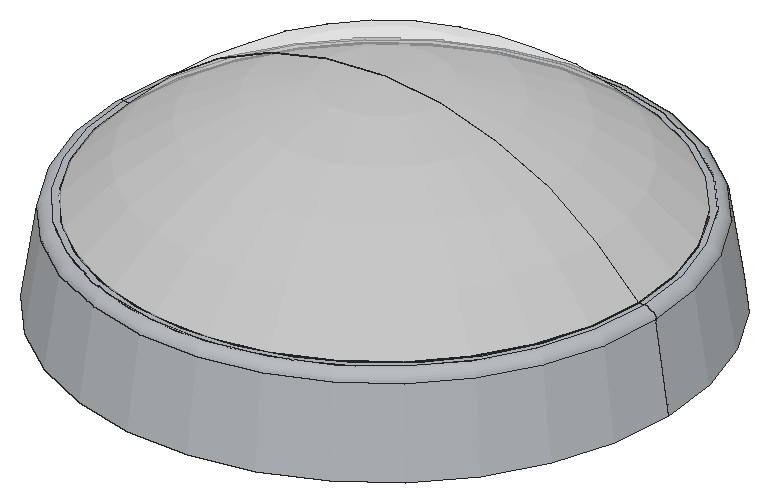
Revit family "Lightronics_LightingFixture_WallAndCeiling_DOTT1", category Lighting Fixtures, host Face, Revit 2016
Family settings
  Host = Face
  Part Type = Normal
  Round Connector Dimension = Use Diameter
  OmniClass Number = 23.80.70.00
  OmniClass Title = Lighting
  Cut with Voids When Loaded = No
  Light Source = Yes
  Shared = No
  Room Calculation Point = No
Parameters (values of type "DOTT")
  _DistributedBy = "www.bimstore.co.uk"
  _CurrentRevision = 1
  _CreatedBy = "www.bimstore.co.uk"
  _BimSpecGuid = 0
  _BSBibleVersion = 15
  _AuthorizedBy = "Kris Atkinson"
  _Author = "Ryan Wigham"
  Wattage = 9.2903 W
  WarrantyStartDate [instance] = "Please record on commissioning"
  WarrantyGuarantorParts = "info@lightronics.nl"
  WarrantyGuarantorLabor = "info@lightronics.nl"
  WarrantyDurationUnit = "Years"
  WarrantyDurationParts = "5"
  WarrantyDurationLabor = "n/a"
  WarrantyDescription = "n/a"
  built-in parameter 1150110 = 1 (stored number, unit not read)
  Voltage = 230 V
  URL = "https://www.lightronics.nl/en/"
  TypeName = "DOTT"
  Type Comments = "Wall and ceiling lighting – Hogro Plus. Impact proof surface-mounted design luminaire"
  built-in parameter 1114217 = 1 (stored number, unit not read)
  Tilt Angle = 90.00°
  built-in parameter 1150109 = 1 (stored number, unit not read)
  built-in parameter 1150134 = 3
  built-in parameter 1150113 = 1 (stored number, unit not read)
  SpareParts = "n/a"
  Size = "250x90"
  Shape = "Circular"
  SerialNumber [instance] = "Please record on commissioning"
  ReplacementCost = ""
  ReferencedStandard = "n/a"
  ProductionYear = "2018"
  Photometric Web File = "DOTT-LO-1-7-180-D-F-620-230-X-X.ies"
  NumberOfPoles = 1
  NominalLength = Length  # 250 mm
  NominalHeight = Height  # 90 mm
  NominalDepth = Depth  # 250 mm
  NBSReference = "90-60-50/405"
  NBSOfficeMasterTag = "n/a"
  NBSObjectName = "Lightronics -  General purpose luminaires"
  NBSNote = ""
  NBSDescription = "Surface luminaires"
  ModelReference = "IP 65"
  ModelNumber = "DOTT"
  Model = "DOTT"
  Material_Lens [instance] = Lightronics - Polycarbonate - Lens - Opal
  Material_Housing [instance] = Lightronics - Aluminium Coated - RAL DB703
  Material = "UV-stabilised polycarbonate"
  ManufacturerName = "Lightronics"
  Manufacturer = "Lightronics"
  built-in parameter 1150105 = 109.82 (stored number, unit not read)
  Lumens = 1380 lm
  built-in parameter 1150115 = 1 (stored number, unit not read)
  built-in parameter 1150137 = (empty or 0)
  built-in parameter 1150139 = (empty or 0)
  Length = Diameter  # 250 mm
  built-in parameter 1150112 = 1 (stored number, unit not read)
  built-in parameter 1150114 = 1 (stored number, unit not read)
  Keynote = "V90/510"
  InstallationDate [instance] = "Please record on commissioning"
  built-in parameter 1150132 = (empty or 0)
  built-in parameter 1150102 = (empty or 0)
  built-in parameter 1150107 = 3200 (stored number, unit not read)
  built-in parameter 1150138 = (empty or 0)
  built-in parameter 1150106 = 1.0982 (stored number, unit not read)
  IfcExportType = "IfcLightFixture"
  IfcExportAs = "IfcLightFixtureTypeEnum.POINTSOURCE"
  Height = 90 mm
  Grade = "n/a"
  Finish = "n/a"
  Features = "n/a"
  ExpectedLife = 10
  Emit from Circle Diameter = 250 mm
  Emit Shape Visible in Rendering = no
  built-in parameter 1150104 = 13.8 (stored number, unit not read)
  DurationUnit = "20 Years"
  DocumentationTechnical = "n/a"
  DocumentationMaintenance = "n/a"
  DocumentationLiterature = "https://specifi.bimstore.co.uk/document/share/2434"
  DocumentationInstallationGuide = "n/a"
  DocumentationCertificates = "n/a"
  Dimming Lamp Color Temperature Shift = <None>
  Diameter = 250 mm
  Description = "Impact proof surface-mounted design luminaire"
  Depth = Diameter  # 250 mm
  Default Elevation = 1219.2 mm
  CreatedOn = "2018-03-06T09:00:00"
  CreatedBy = "info@lightronics.nl"
  Constituents = "n/a"
  Color Filter = 16777215
  Color = "Housing: aluminium coated (DB703) or RAL 9010. Cover: UV-stabilised polycarbonate opal or frosted"
  CodePerformance = "n/a"
  ClassificationValue = "Pr_70_70_48_85"
  ClassificationName = "Uniclass 2015"
  BarCode [instance] = "Please record on commissioning"
  built-in parameter 1114218 = 1 (stored number, unit not read)
  BIMObjectName = "Lightronics_LightingFixture_WallAndCeiling_DOTT"
  built-in parameter 1150133 = 10 (stored number, unit not read)
  AssetType = "Fixed"
  AssetIdentifier [instance] = "Please record on commissioning"
  Assembly Code = "D5020200"
  Apparent Load = 0 VA
  AccessibilityPerformance = "n/a"
Reference planes
  plane 1 "Center (Front/Back)": y = 0
  plane 2: z = 0
  plane 3 "Center (Left/Right)": x = 0
  plane 4: z = 45
  plane 5: x = -125
Forms (mm)
  Revolve 1, solid, material "Lightronics - Aluminium Coated - RAL DB703" <- "Material_Housing"
    sketch origin (0, 0, 0) x (1, 0, 0) y (0, 0, 1)
      loop
        line (0, 0) -> (0, 35) -> (-111.894, 35) -> (-111.894, 40) -> (-114.394, 40)
        arc (-114.394, 40) -> (-117.641, 38.802) -> (-119.333, 35.782) r 5
        line (-119.333, 35.782) -> (-125, 0) -> (0, 0)
      axis (0, 0) -> (0, 40)
    angle from 0 to 360
  Revolve 2, solid, material "Lightronics - Polycarbonate - Lens - Opal" <- "Material_Lens"
    sketch origin (0, 0, 0) x (1, 0, 0) y (0, 0, 1)
      loop
        line (-111.894, 35) -> (0, 35) -> (0, 90)
        arc (0, 90) -> (-61.279, 76.931) -> (-111.894, 40) r 150.203
        line (-111.894, 40) -> (-111.894, 35)
      axis (0, 90) -> (0, 35)
    angle from 0 to 360
  Extrusion 3, solid, material "Glass, White, High Luminance"
    sketch origin (0, 0, 0) x (1, 0, 0) y (0, 1, 0)
      loop
        circle (0, 0) r 111.894
    from 35 to 40
Dimensions and locks
  plane 4 to level = 45 mm
  aligned and locked: plane 2 to host face
  aligned and locked: level to host face
  aligned and locked: plane 4 to imposter light
Connectors
  electrical at (0, 0, 0), driven by "NumberOfPoles", driven by "Voltage", driven by "Apparent Load"
    settings: index 1, voltage 230 V, apparent load 0 VA, apparent load phase1 0 VA, apparent load phase2 0 VA, apparent load phase3 0 VA, power factor 1, load classification "Lighting", number of poles 1, system type 31, power factor state 1, is connector primary yes, connector utility no, sub classification motor no, connector description ""
